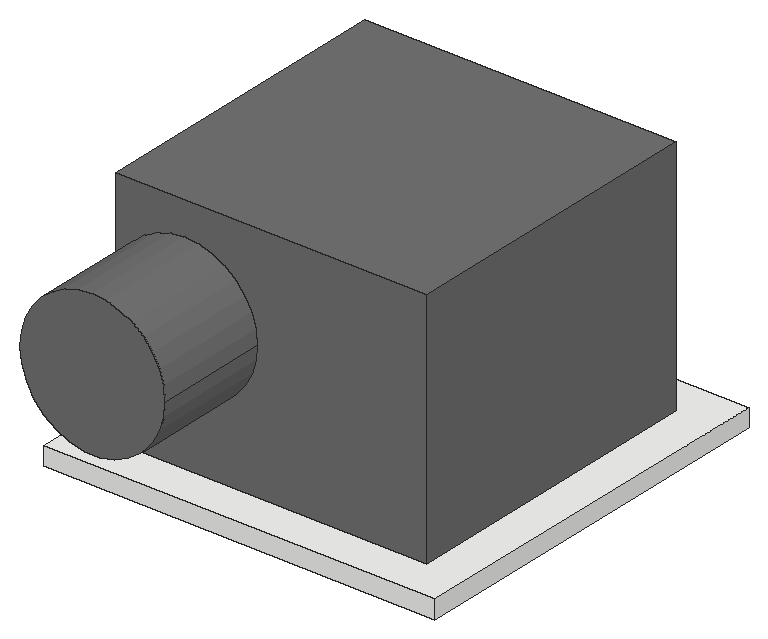
Revit family "vd-07_20z(s)vc7_50Hz", category 機械設備, Revit 2019
Family settings
  丸型コネクタ寸法 = 直径を使用
  パーツ タイプ = 標準
  OmniClass 番号 = 23.75.35.17.27
  OmniClass タイトル = Centrifugal Fans
  作業面ベース = いいえ
  常に垂直 = はい
  ロード時にボイドで切り取り = いいえ
  共有 = いいえ
  部屋計算ポイント = はい
Parameters (values of type "VD-20ZVC7")
  騒音レベル(dB(A)) [instance] = 45
  風量 [instance] = 550.0 m³/h
  電源種別 [instance] = ""
  電圧 = 100 V
  電動機出力 = 0 W
  電動機_種別 [instance] = ""
  運転質量 = 0.00 kg
  連動 [instance] = ""
  質量 = if(製品質量 > 運転質量, 製品質量, 運転質量) * 1.2  # 3.84 kg
  負荷分類 = 3_ファン類
  説明 = "ダクト用換気扇 低騒音形 24時間換気機能付 定風量タイプ"
  設計風量 [instance] = 0.0 m³/h
  設置方法 = "天埋"
  記号 [instance] = ""
  製造元 = "三菱電機株式会社"
  製品質量 = 3.20 kg
  製品出荷対象 = "国内"
  製品リリース年月 = "2024年6月3日"
  製品グループ = ""
  系統 [instance] = ""
  符号 [instance] = if(☑給気／□排気, "FS", "FE")  # "FE"
  積算_科目 = "2 換気設備"
  積算_拾い区分 [instance] = ""
  相 = 1
  盤記号 [instance] = ""
  発停方法 [instance] = ""
  特殊仕様 [instance] = ""
  火災停止 [instance] = ""
  消費電力 = 36 W
  法定耐用年数 = "15"
  機外静圧 [instance] = 0.0 Pa
  極数 = 2
  材質 [instance] = ""
  操作・制御方式 = ""
  操作・制御スイッチ = ""
  排気量 [instance] = if(☑給気／□排気, 0.0 m³/h, 設計風量)  # 0.0 m³/h
  形式 = "天井埋込ダクト形"
  幹線記号 [instance] = ""
  対象室 [instance] = ""
  実風量 [instance] = 0.0 m³/h
  始動方式 [instance] = "直入"
  外気量 [instance] = if(☑給気／□排気, 設計風量, 0.0 m³/h)  # 0.0 m³/h
  呼称 = "天井扇"
  周波数 = 50 Hz
  参照している仕様書等のバージョン = ""
  分類コード = "50052503100030"
  分類グループ = ""
  価格 = 71100
  企業コード = "108420"
  付属品_防振装置 = ""
  付属品 [instance] = ""
  仕様書バージョン = "Version1.0"
  モデル = "VD-20ZVC7"
  マテリアル = 合成樹脂(黒)
  ファンの種類 = ""
  ダクト径 = 150 mm
  コメント [instance] = ""
  Keynote = ""
  カバーマテリアル = 合成樹脂(白)
  ☑給気／□排気 [instance] = no
  Width = 310 mm
  W1 = 390 mm
  Version = ""
  Uniclass2015Version = "Systems v1.9"
  Uniclass2015Title = "Centrifugal fans"
  Uniclass2015Code = "Pr_65_67_29_12"
  URL = "https://www.mitsubishielectric.co.jp/ldg/wink/qr/002/333526/"
  SpecificationReference = ""
  SpecificationDescription = ""
  Revision = ""
  ProductInformation = ""
  OmniClassCode = "23-33 31 19 11 15"
  OAサイズ_D = 0 mm
  MIN風量 = 230.0 m³/h
  MIN静圧 = 70.0 Pa
  MID風量 = 340.0 m³/h
  MID静圧 = 80.0 Pa
  MAX風量 = 550.0 m³/h
  MAX静圧 = 0.0 Pa
  IfcTypeProduct = ""
  IfcProduct = ""
  IfcExportType = "PROPELLORAXIAL"
  IfcExportAs = "IfcFanType"
  Height = 240 mm
  H1 = 18 mm
  EAサイズ_D = 144 mm
  Duct_Height = 135 mm
  Duct_Depth = 115 mm
  Duct_Center = 86 mm
  Depth = 310 mm
  D1 = 390 mm
  Author = "三菱電機株式会社"
Types (7, lengths in mm): name | 騒音レベル(dB(A)) | 風量 | 質量 | 説明 | 製品質量 | 製品リリース年月 | 消費電力 | 機外静圧 | 価格 | モデル | ダクト径 | Width | W1 | URL | MIN風量 | MIN静圧 | MID風量 | MID静圧 | MAX風量 | MAX静圧 | Height | H1 | EAサイズ_D | Duct_Height | Duct_Depth | Duct_Center | Depth | D1
  VD-07ZVC7 | 25.5 | 50.0 m³/h | 1.32 kg | "ダクト用換気扇 低騒音形 小空間用 24時間換気機能付 定風量タイプ" | 1.10 kg | "2024年6月3日" | 1.8 W | 60.0 Pa | 27400 | "VD-07ZVC7" | 75 | 144 | 210 | "https://www.mitsubishielectric.co.jp/ldg/wink/qr/002/333545/" | 0.0 m³/h | 0.0 Pa | 0.0 m³/h | 0.0 Pa | 50.0 m³/h | 60.0 Pa | 191 | 15 | 73 | 90 | 106 | 0 | 144 | 210
  VD-10ZVC7 | 23.5 | 100.0 m³/h | 1.68 kg | "ダクト用換気扇 低騒音形 24時間換気機能付 定風量タイプ" | 1.40 kg | "2024年4月1日" | 2.5 W | 90.0 Pa | 29800 | "VD-10ZVC7" | 100 | 174 | 250 | "https://www.mitsubishielectric.co.jp/ldg/wink/qr/002/333573/" | 60.0 m³/h | 50.0 Pa | 0.0 m³/h | 0.0 Pa | 100.0 m³/h | 90.0 Pa | 184 | 15 | 98 | 102 | 109 | 0 | 174 | 250
  VD-13ZVC7 | 27.5 | 120.0 m³/h | 1.92 kg | "ダクト用換気扇 低騒音形 24時間換気機能付 定風量タイプ" | 1.60 kg | "2024年4月1日" | 3.3 W | 78.0 Pa | 33900 | "VD-13ZVC7" | 100 | 198 | 286 | "https://www.mitsubishielectric.co.jp/ldg/wink/qr/002/333596/" | 75.0 m³/h | 57.0 Pa | 0.0 m³/h | 0.0 Pa | 120.0 m³/h | 78.0 Pa | 195 | 15 | 98 | 102 | 109 | 56 | 198 | 286
  VD-15ZVC7 | 42 | 280.0 m³/h | 2.76 kg | "ダクト用換気扇 低騒音形 24時間換気機能付 定風量タイプ" | 2.30 kg | "2024年6月3日" | 19.5 W | 0.0 Pa | 46200 | "VD-15ZVC7" | 100 | 254 | 330 | "https://www.mitsubishielectric.co.jp/ldg/wink/qr/002/333631/" | 85.0 m³/h | 80.0 Pa | 160.0 m³/h | 130.0 Pa | 280.0 m³/h | 0.0 Pa | 200 | 18 | 98 | 109 | 109 | 0 | 254 | 330
  VD-18ZSVC7 | 43.5 | 320.0 m³/h | 3.84 kg | "ダクト用換気扇 低騒音形 24時間換気機能付 定風量タイプ" | 3.20 kg | "2024年6月3日" | 25 W | 0.0 Pa | 62300 | "VD-18ZSVC7" | 100 | 310 | 390 | "https://www.mitsubishielectric.co.jp/ldg/wink/qr/002/333660/" | 100.0 m³/h | 100.0 Pa | 180.0 m³/h | 160.0 Pa | 320.0 m³/h | 0.0 Pa | 200 | 18 | 98 | 109 | 109 | 0 | 310 | 390
  VD-18ZVC7 | 38 | 430.0 m³/h | 3.84 kg | "ダクト用換気扇 低騒音形 24時間換気機能付 定風量タイプ" | 3.20 kg | "2024年6月3日" | 18 W | 0.0 Pa | 60500 | "VD-18ZVC7" | 150 | 310 | 390 | "https://www.mitsubishielectric.co.jp/ldg/wink/qr/002/333661/" | 180.0 m³/h | 45.0 Pa | 300.0 m³/h | 65.0 Pa | 430.0 m³/h | 0.0 Pa | 240 | 18 | 144 | 135 | 115 | 86 | 310 | 390
  VD-20ZVC7 | 45 | 550.0 m³/h | 3.84 kg | "ダクト用換気扇 低騒音形 24時間換気機能付 定風量タイプ" | 3.20 kg | "2024年6月3日" | 36 W | 0.0 Pa | 71100 | "VD-20ZVC7" | 150 | 310 | 390 | "https://www.mitsubishielectric.co.jp/ldg/wink/qr/002/333526/" | 230.0 m³/h | 70.0 Pa | 340.0 m³/h | 80.0 Pa | 550.0 m³/h | 0.0 Pa | 240 | 18 | 144 | 135 | 115 | 86 | 310 | 390
Reference planes
  plane 1 "中心(正面/背面)": y = 0
  plane 2: z = 0
  plane 3 "中心(左/右)": x = 0
  plane 4: x = -195
  plane 5: x = 195
  plane 6: y = 195
  plane 7: y = -195
  plane 8: x = -155
  plane 9: x = 155
  plane 10: y = 155
  plane 11: y = -155
  plane 12: y = -270
  plane 13: z = 240
  plane 14: z = -18
  plane 15: z = 135
  plane 16: x = -86
Forms (mm)
  Extrusion 1, solid, material "合成樹脂(黒)" <- "マテリアル", detail levels fine
    sketch origin (0, 0, 0) x (1, 0, 0) y (0, 1, 0)
      loop
        line (-155, 155) -> (-155, -155) -> (155, -155) -> (155, 155) -> (-155, 155)
    from 0 to 240
  Extrusion 2, solid, material "合成樹脂(白)" <- "カバーマテリアル", detail levels fine
    sketch origin (0, 0, 0) x (1, 0, 0) y (0, 1, 0)
      loop
        line (-195, 195) -> (-195, -195) -> (195, -195) -> (195, 195) -> (-195, 195)
    from 0 to -18
  Extrusion 3, solid, material "合成樹脂(黒)" <- "マテリアル", detail levels fine
    sketch origin (0, 0, 0) x (1, 0, 0) y (0, 0, 1)
      loop
        circle (-86, 135) r 72
    from 155 to 270
Dimensions and locks
  equal spacing: plane 4, plane 3 "中心(左/右)", plane 5
  "W1": plane 4 to plane 5
  equal spacing: plane 6, plane 1 "中心(正面/背面)", plane 7
  "D1": plane 6 to plane 7
  equal spacing: plane 8, plane 3 "中心(左/右)", plane 9
  "Width": plane 8 to plane 9
  equal spacing: plane 10, plane 1 "中心(正面/背面)", plane 11
  "Depth": plane 10 to plane 11
  "Duct_Depth": plane 11 to plane 12
  "Height": plane 13 to plane 2
  "Duct_Height": plane 15 to plane 2
  "H1": plane 2 to plane 14
  "Duct_Center": plane 3 "中心(左/右)" to plane 16
  "EAサイズ_D": diameter of Extrusion 3 sketch curve
  aligned and locked: level to plane 2
  aligned and locked: plane 5 to Extrusion 2
  aligned and locked: plane 6 to Extrusion 2
  aligned and locked: Extrusion 2 to plane 4
  aligned and locked: Extrusion 2 to plane 7
  aligned and locked: plane 9 to Extrusion 1
  aligned and locked: Extrusion 1 to plane 11
  aligned and locked: Extrusion 1 to plane 8
  aligned and locked: plane 10 to Extrusion 1
  aligned and locked: plane 13 to Extrusion 1
  aligned and locked: Extrusion 2 to plane 14
  aligned and locked: level to Extrusion 2
  aligned and locked: Extrusion 1 to level
  aligned and locked: Extrusion 3 to plane 12
  aligned and locked: plane 11 to Extrusion 3
Automatic sketch dimensions
  Extrusion 1 sketch curve to plane 3 "中心(左/右)" = 155 mm
  plane 3 "中心(左/右)" to Extrusion 1 sketch curve = 155 mm
  Extrusion 2 sketch curve to plane 3 "中心(左/右)" = 195 mm
  plane 3 "中心(左/右)" to Extrusion 2 sketch curve = 195 mm
  plane 1 "中心(正面/背面)" to Extrusion 1 sketch curve = 155 mm
  Extrusion 1 sketch curve to plane 1 "中心(正面/背面)" = 155 mm
  plane 1 "中心(正面/背面)" to Extrusion 2 sketch curve = 195 mm
  Extrusion 2 sketch curve to plane 1 "中心(正面/背面)" = 195 mm
  Extrusion 3 sketch curve to plane 15 = 0 mm
  Extrusion 3 sketch curve to plane 16 = 0 mm
Nested families
  nested 1: "記号_天井換気扇_平面" at (0, 0, 0), type "記号_天井換気扇_平面", detail levels coarse+medium
Connectors
  hvac at (-86, -270, 135), driven by "ダクト径", driven by "風量", driven by "機外静圧"
    settings: on Extrusion 3, index 1, duct flow 550.0 m³/h, flow factor 0, pres drop 0.0 Pa, loss coef 0, conn angle 0.00°, conn width 304.8 mm, conn height 304.8 mm, conn diameter 150 mm, duct sys type 3, conn prof type 0, flow config 0, flow direction 2, loss method 4, conn ref index -1, conn util no, is conn primary yes, conn desc ""
  electrical at (0, 0, 240), driven by "極数", driven by "負荷分類", driven by "電圧", driven by "消費電力"
    settings: on Extrusion 1, index 2, voltage 100 V, apparent load 36 VA, apparent load phase1 0 VA, apparent load phase2 0 VA, apparent load phase3 0 VA, power factor 1, load classification "3_ファン類", number of poles 2, system type 30, power factor state 1, is connector primary yes, connector utility no, sub classification motor no, connector description ""
Definition of nested family "記号_天井換気扇_平面"
  Reference planes
    plane 1: y = 0
    plane 2: x = 0
  Lines and regions (mm)
    detail lines
      curve 1: line (-2.5, 2.5, 0) -> (2.5, 2.5, 0)
      curve 2: line (-2.5, -2.5, 0) -> (-2.5, 2.5, 0)
      curve 3: line (2.5, -2.5, 0) -> (-2.5, -2.5, 0)
      curve 4: line (2.5, 2.5, 0) -> (2.5, -2.5, 0)
      curve 5: circle (-1.04, -1.04, 0) r 1.46 normal (0, 0, 1)
      curve 6: circle (1.04, 1.04, 0) r 1.46 normal (0, 0, 1)
      curve 7: line (-3.125, 3.125, 0) -> (3.125, 3.125, 0)
      curve 8: line (-3.125, -3.125, 0) -> (-3.125, 3.125, 0)
      curve 9: line (3.125, -3.125, 0) -> (-3.125, -3.125, 0)
      curve 10: line (3.125, 3.125, 0) -> (3.125, -3.125, 0)
      curve 11: circle (1.295, 1.295, 0) r 1.83 normal (0, 0, 1)
      curve 12: circle (-1.295, -1.295, 0) r 1.83 normal (0, 0, 1)
      curve 13: line (-2, 2, 0) -> (2, 2, 0)
      curve 14: line (-2, -2, 0) -> (-2, 2, 0)
      curve 15: line (2, -2, 0) -> (-2, -2, 0)
      curve 16: line (2, 2, 0) -> (2, -2, 0)
      curve 17: circle (0.84, 0.84, 0) r 1.16 normal (0, 0, 1)
      curve 18: circle (-0.84, -0.84, 0) r 1.2 normal (0, 0, 1)
